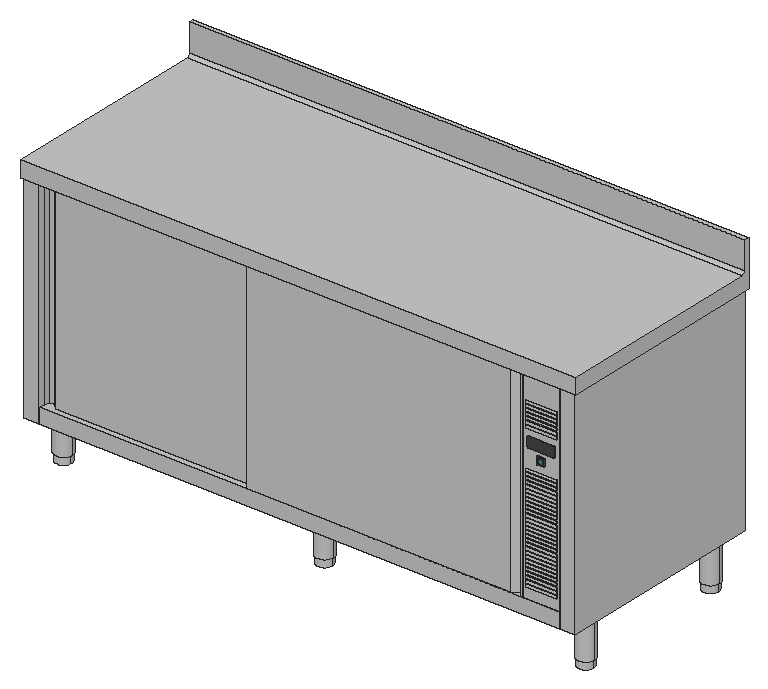
Revit family "QF_ELECTROLUXPROFESSIONAL_133096_TC1810EN", category Attrezzature speciali, Revit 2020
Family settings
  Quota connettore circolare = Usa diametro
  Tipo di parte = Normale
  Basato su piano di lavoro = No
  Sempre verticale = Sì
  Taglio con vuoti quando caricato = No
  Condiviso = No
  Punto di calcolo locali = No
Parameters (values of type "Standard")
  Weight = 70.00 kg
  Watts = 2400 W
  Volts = 220 V
  URL Manufacturer = "https://www.electroluxprofessional.com/"
  URL = "https://www.electroluxprofessional.com/"
  Steam Supply Size = 0 mm
  Steam Supply Minimum Pressure = 0.0 Pa
  Steam Supply Maximum Pressure = 0.0 Pa
  Steam Consumption per Hour = 0
  Refrigeration Suction Line Size = 0.0 mm
  Refrigeration Liquid Line Size = 0.0 mm
  Refrigerant Compressor Remote = yes
  Prospetto di default = 0.0 mm
  Produttore = "Electrolux Professional"
  Phase = 1
  Modello = "TC1810EN"
  Length Actual = 1800.0 mm  # constant formula
  Item Number = "133096"
  Hot Water Size = 0 mm
  Height Actual = 1000.0 mm  # constant formula
  HP = "3.2 HP"
  Gas Size = 0 mm
  Gas KW = 0
  Gas Input Pressure = 0 W
  Direct Waste Size = 0 mm
  Descrizione = "HOT CUPBOARD WITH UPSTAND 1800 MM"
  Depth Actual = 700.0 mm  # constant formula
  Cycle = 50 Hz
  Condensate Return Size = 0 mm
  Compressed Air Volume = 0.0 L/s
  Compressed Air Size = 0 mm
  Compressed Air Pressure = 0.0 Pa
  Cold Water Size = 0 mm
  Accessory = yes
Reference planes
  plane 1 "Center (Front/Back)": y = 0
  plane 2: z = 0
  plane 3 "Center (Left/Right)": x = -400
  plane 4 "LEFT": x = -1300
  plane 5 "RIGHT": x = 500
  plane 6 "BACK": y = 350
  plane 7 "FRONT": y = -350
  plane 8 "Base": z = 850
  plane 9 "TOP": z = 900
  plane 10: x = -1246.5
  plane 11: x = 446.5
  plane 12: y = 264.5
  plane 13: y = -241.5
  plane 14 "BodyLeft": x = -1294.5
  plane 15 "BodyFront": y = -344.5
  plane 16 "BodyRight": x = 494.5
  plane 17 "BodyBack": y = 344.5
  plane 18 "FEET": z = 150
  plane 19: x = 324.5
  plane 20: x = -461
  plane 21: x = 444.5
  plane 22 "EIx": x = 400
  plane 23 "EIy": y = -170
Forms (mm)
  Extrusion 1, solid, material "QF_Finishes_Stainless Steel"
    sketch origin (-400, 0, 0) x (0, 1, 0) y (0, 0, 1)
      loop
        line (-350, 850) -> (350, 850) -> (350, 1000) -> (337, 1000) -> (337, 910)
        arc (337, 910) -> (334.071, 902.929) -> (327, 900) r 10
        line (327, 900) -> (-350, 900) -> (-350, 850)
    from 900 to -900
  Extrusion 2, solid, material "QF_Finishes_Stainless Steel"
    sketch origin (0, 0, 150) x (-1, 0, 0) y (0, -1, 0)
      loop
        line (1294.5, -344.5) -> (1294.5, 344.5) -> (1244.5, 344.5) -> (1244.5, -344.5) -> (1294.5, -344.5)
      loop
        line (-444.5, -344.5) -> (-444.5, 344.5) -> (-494.5, 344.5) -> (-494.5, -344.5) -> (-444.5, -344.5)
    from 0 to 700
  Extrusion 3, solid, material "QF_Finishes_Stainless Steel"
    sketch origin (0, 0, 150) x (-1, 0, 0) y (0, -1, 0)
      loop
        line (1244.5, -344.5) -> (1244.5, 344.5) -> (-444.5, 344.5) -> (-444.5, -344.5) -> (1244.5, -344.5)
    from 0 to 50
  Extrusion 4, solid, material "QF_Finishes_Stainless Steel"
    sketch origin (-1, 0, 150) x (-1, 0, 0) y (0, -1, 0)
      loop
        line (-325.5, 344.5) -> (-325.5, 324.5) -> (570.5, 324.5) -> (570.5, 344.5) -> (-285.5, 344.5) -> (-305.5, 329.5) -> (-320.5, 329.5) -> (-320.5, 344.5) -> (-325.5, 344.5)
    from 50 to 700
  Extrusion 5, solid, material "QF_Finishes_Stainless Steel"
    sketch origin (1, 20, 150) x (1, 0, 0) y (0, 1, 0)
      loop
        line (-1245.5, -344.5) -> (-1240.5, -344.5) -> (-1240.5, -329.5) -> (-1225.5, -329.5) -> (-1205.5, -344.5) -> (-351.5, -344.5) -> (-351.5, -324.5) -> (-1245.5, -324.5) -> (-1245.5, -344.5)
    from 50 to 700
  Extrusion 6, solid, material "QF_Finishes_Stainless Steel"
    sketch origin (0, 0, 0) x (1, 0, 0) y (0, 1, 0)
      loop
        line (-1244.5, -304.5) -> (324.5, -304.5) -> (324.5, 324.5) -> (-1244.5, 324.5) -> (-1244.5, -304.5)
    from 500 to 540
  Extrusion 7, solid, material "QF_Finishes_Stainless Steel"
    sketch origin (0, 0, 0) x (1, 0, 0) y (0, 1, 0)
      loop
        line (444.5, 344.5) -> (-1244.5, 344.5) -> (-1244.5, 324.5) -> (444.5, 324.5) -> (444.5, 344.5)
    from 200 to 850
  Extrusion 8, solid, material "QF_Finishes_Stainless Steel"
    sketch origin (0, 0, 150) x (-1, 0, 0) y (0, -1, 0)
      loop
        circle (-400, 170) r 10
    from 0 to -5
Cuts and joins
  joined: Extrusion 3, Extrusion 7
Lines and regions (mm)
  symbolic lines
    curve 1: line (500, 350, 900) -> (-1300, 350, 900)
    curve 2: line (-1300, 350, 900) -> (-1300, -350, 900)
    curve 3: line (-1300, -350, 900) -> (500, -350, 900)
    curve 4: line (500, -350, 900) -> (500, 350, 900)
    curve 15: line (500, 337, 900) -> (-1300, 337, 900)
  symbolic lines, style "SpecialityEquipmentHiddenLines"
    curve 5: line (-1294.5, 344.5, 150) -> (494.5, 344.5, 150)
    curve 6: line (-1294.5, -344.5, 150) -> (-1294.5, 344.5, 150)
    curve 7: line (494.5, -344.5, 150) -> (-1294.5, -344.5, 150)
    curve 8: line (494.5, 344.5, 150) -> (494.5, -344.5, 150)
    curve 9: line (-1245.5, -304.5, 150) -> (-349.5, -304.5, 150)
    curve 10: line (-349.5, -304.5, 150) -> (-349.5, -324.5, 150)
    curve 11: line (-1245.5, -324.5, 150) -> (324.5, -324.5, 150)
    curve 12: line (324.5, -324.5, 150) -> (324.5, -344.5, 150)
    curve 13: line (-1245.5, -304.5, 150) -> (-1245.5, -324.5, 150)
    curve 14: line (-571.5, -344.5, 0) -> (-571.5, -324.5, 0)
Dimensions and locks
  plane 4 "LEFT" to plane 5 "RIGHT" = 1800.0 mm
  equal spacing: plane 4 "LEFT", plane 3 "Center (Left/Right)", plane 5 "RIGHT"
  locked: plane 8 "Base" to level at 850
  plane 6 "BACK" to plane 7 "FRONT" = 700.0 mm
  equal spacing: plane 6 "BACK", plane 1 "Center (Front/Back)", plane 7 "FRONT"
  locked: plane 4 "LEFT" to plane 14 "BodyLeft" at 5.5
  locked: plane 16 "BodyRight" to plane 5 "RIGHT" at 5.5
  locked: plane 15 "BodyFront" to plane 7 "FRONT" at 5.5
  locked: plane 6 "BACK" to plane 17 "BodyBack" at 5.5
  locked: plane 14 "BodyLeft" to plane 10 at 48
  locked: plane 11 to plane 16 "BodyRight" at 48
  locked: plane 13 to plane 15 "BodyFront" at 103
  locked: plane 17 "BodyBack" to plane 12 at 80
  plane 10 to plane 11 = 1693.0 mm
  plane 12 to plane 13 = 506.0 mm
  locked: plane 14 "BodyLeft" to Extrusion 2 sketch curve at 50
  locked: Extrusion 2 sketch curve to Extrusion 2 sketch curve at 50
  equal spacing: plane 10, plane 20, plane 19
  locked: plane 21 to plane 16 "BodyRight" at 50
  locked: plane 19 to plane 21 at 120
  locked: Extrusion 4 sketch curve to plane 20 at 110.5
  locked: plane 20 to Extrusion 5 sketch curve at 110.5
  locked: plane 18 "FEET" to level at 150
  locked: plane 22 "EIx" to plane 5 "RIGHT" at 100
  plane 23 "EIy" to plane 7 "FRONT" = 180.0 mm
  locked: Extrusion 1 to level at 1000
  plane 9 "TOP" to level = 900.0 mm
  aligned and locked: level to plane 2
  aligned and locked: plane 10 to nested 1
  aligned and locked: nested 1 to plane 13
  aligned and locked: plane 11 to nested 2
  aligned and locked: nested 2 to plane 13
  aligned and locked: plane 11 to nested 4
  aligned and locked: nested 4 to plane 12
  aligned and locked: plane 10 to nested 3
  aligned and locked: nested 3 to plane 12
  aligned and locked: Extrusion 1 to plane 4 "LEFT"
  aligned and locked: plane 5 "RIGHT" to Extrusion 1
  aligned and locked: curve 2 to plane 4 "LEFT"
  aligned and locked: plane 17 "BodyBack" to Extrusion 2 sketch curve
  aligned and locked: Extrusion 2 sketch curve to plane 15 "BodyFront"
  aligned and locked: Extrusion 2 sketch curve to plane 14 "BodyLeft"
  aligned and locked: plane 16 "BodyRight" to Extrusion 2 sketch curve
  aligned and locked: Extrusion 2 sketch curve to plane 17 "BodyBack"
  aligned and locked: plane 15 "BodyFront" to Extrusion 2 sketch curve
  aligned and locked: Extrusion 3 sketch curve to plane 17 "BodyBack"
  aligned and locked: plane 15 "BodyFront" to Extrusion 3 sketch curve
  aligned and locked: plane 8 "Base" to Extrusion 2
  aligned and locked: plane 8 "Base" to Extrusion 4
  aligned and locked: Extrusion 4 to Extrusion 3
  aligned and locked: Extrusion 1 to plane 8 "Base"
  aligned and locked: plane 9 "TOP" to Extrusion 1
  aligned and locked: curve 5 to plane 17 "BodyBack"
  aligned and locked: plane 14 "BodyLeft" to curve 6
  aligned and locked: plane 15 "BodyFront" to curve 7
  aligned and locked: plane 16 "BodyRight" to curve 8
  aligned and locked: Extrusion 3 to Extrusion 2  (x2)
  aligned and locked: Extrusion 6 sketch curve to Extrusion 2
  aligned and locked: Extrusion 6 sketch curve to Extrusion 5
  aligned and locked: nested 5 to plane 21
  aligned and locked: Extrusion 7 sketch curve to Extrusion 2
  aligned and locked: Extrusion 6 sketch curve to plane 19
  aligned and locked: plane 3 "Center (Left/Right)" to nested 6
  aligned and locked: plane 3 "Center (Left/Right)" to nested 7
Automatic sketch dimensions
  Extrusion 8 sketch curve to plane 22 "EIx" = 0.0 mm
  Extrusion 8 sketch curve to plane 23 "EIy" = 0.0 mm
  curve 14 to plane 15 "BodyFront" = 0.0 mm
  plane 15 "BodyFront" to curve 14 = 20.0 mm
  curve 14 to plane 20 = 110.5 mm
  curve 3 to plane 7 "FRONT" = 0.0 mm
  curve 15 to plane 5 "RIGHT" = 0.0 mm
  curve 4 to plane 6 "BACK" = 0.0 mm
  curve 15 to plane 17 "BodyBack" = 7.5 mm
  Extrusion 1 sketch curve to plane 7 "FRONT" = 0.0 mm
  Extrusion 1 sketch curve to plane 9 "TOP" = 0.0 mm
  Extrusion 1 sketch curve to plane 6 "BACK" = 0.0 mm
  Extrusion 1 sketch curve to plane 8 "Base" = 0.0 mm
  Extrusion 1 sketch curve to plane 17 "BodyBack" = 17.5 mm
  Extrusion 1 sketch curve to plane 17 "BodyBack" = 7.5 mm
  Extrusion 1 sketch curve to Extrusion 1 sketch curve = 90.0 mm
  Extrusion 3 sketch curve to plane 21 = 0.0 mm
  plane 10 to Extrusion 3 sketch curve = 2.0 mm
  Extrusion 4 sketch curve to plane 19 = 0.0 mm
  Extrusion 4 sketch curve to plane 15 "BodyFront" = 0.0 mm  (x2)
  Extrusion 4 sketch curve to Extrusion 4 sketch curve = 5.0 mm
  Extrusion 4 sketch curve to Extrusion 4 sketch curve = 15.0 mm  (x2)
  Extrusion 4 sketch curve to Extrusion 4 sketch curve = 20.0 mm
  plane 15 "BodyFront" to Extrusion 4 sketch curve = 20.0 mm
  Extrusion 5 sketch curve to plane 15 "BodyFront" = 20.0 mm  (x2)
  Extrusion 5 sketch curve to plane 10 = 42.0 mm
  Extrusion 5 sketch curve to plane 10 = 22.0 mm
  Extrusion 5 sketch curve to plane 10 = 7.0 mm
  Extrusion 5 sketch curve to plane 10 = 2.0 mm
  Extrusion 5 sketch curve to Extrusion 5 sketch curve = 15.0 mm
  Extrusion 5 sketch curve to Extrusion 5 sketch curve = 20.0 mm
  Extrusion 6 sketch curve to plane 17 "BodyBack" = 20.0 mm
  Extrusion 7 sketch curve to plane 21 = 0.0 mm
  Extrusion 7 sketch curve to plane 17 "BodyBack" = 0.0 mm
  Extrusion 7 sketch curve to Extrusion 7 sketch curve = 20.0 mm
  curve 11 to plane 19 = 0.0 mm
  curve 7 to plane 15 "BodyFront" = 0.0 mm
  plane 3 "Center (Left/Right)" to curve 10 = 50.5 mm
  plane 10 to curve 13 = 1.0 mm
  plane 15 "BodyFront" to curve 9 = 40.0 mm
  plane 15 "BodyFront" to curve 13 = 20.0 mm
  radius of Extrusion 8 sketch curve = 10.0 mm
Nested families
  nested 1: "FEET_D58-150" at (-1246.5, -241.5, 0), type "FEET_D58-150"
  nested 2: "FEET_D58-150" at (446.5, -241.5, 0), type "FEET_D58-150"
  nested 3: "FEET_D58-150" at (-1246.5, 264.5, 0), type "FEET_D58-150"
  nested 4: "FEET_D58-150" at (446.5, 264.5, 0), type "FEET_D58-150"
  nested 5: "WT_PNL120x650" at (531.42, -304.5, 600) x (1, 0, 0) z (0, -1, 0), type "WT_PNL120x650"
    with Show Logo yes
  nested 6: "FEET_D58-150" at (-400, -241.5, 0), type "FEET_D58-150"
  nested 7: "FEET_D58-150" at (-400, 264.5, 0), type "FEET_D58-150"
Connectors
  electrical at (400, -170, 145)
    settings: on Extrusion 8, index 1, voltage 0 V, apparent load 0 VA, apparent load phase1 0 VA, apparent load phase2 0 VA, apparent load phase3 0 VA, power factor 1, load classification "Other", number of poles 1, system type 30, power factor state 1, is connector primary yes, connector utility no, sub classification motor no, connector description "Electrical connection"
Definition of nested family "FEET_D58-150"
  Parameters
    Default Elevation = 0.0 mm
    FEET = 150.0 mm
  Reference planes
    plane 1 "Center (Front/Back)": y = 0
    plane 2: z = 0
    plane 3 "Center (Left/Right)": x = 0
    plane 4: z = 150
  Forms (mm)
    Extrusion 1, solid
      sketch origin (0, 0, 0) x (1, 0, 0) y (0, 1, 0)
        loop
          circle (0, 0) r 25
      from 0 to 25
    Extrusion 2, solid
      sketch origin (0, 0, 0) x (1, 0, 0) y (0, 1, 0)
        loop
          circle (0.061, 0) r 29
      from 25 to 150 <- "FEET"
  Lines and regions (mm)
    symbolic lines
      curve 1: line (0, -1.503, 0) -> (0, 1.508, 0)
      curve 2: line (1.561, 0, 0) -> (-1.439, 0, 0)
  Dimensions and locks
    "FEET": plane 4 to plane 2
    aligned and locked: level to plane 2
  Automatic sketch dimensions
    plane 1 "Center (Front/Back)" to Extrusion 1 sketch curve = 0.0 mm
    Extrusion 1 sketch curve to plane 3 "Center (Left/Right)" = 0.0 mm
    plane 1 "Center (Front/Back)" to curve 2 = 0.0 mm
    curve 1 to plane 3 "Center (Left/Right)" = 0.0 mm
    curve 2 to plane 3 "Center (Left/Right)" = 1.439 mm
    plane 3 "Center (Left/Right)" to curve 2 = 1.561 mm
    plane 1 "Center (Front/Back)" to curve 1 = 1.503 mm
    curve 1 to plane 1 "Center (Front/Back)" = 1.508 mm
    plane 1 "Center (Front/Back)" to Extrusion 2 sketch curve = 0.0 mm
    plane 3 "Center (Left/Right)" to Extrusion 2 sketch curve = 0.061 mm
    radius of Extrusion 1 sketch curve = 25.0 mm
    radius of Extrusion 2 sketch curve = 29.0 mm
Definition of nested family "WT_PNL120x650"
  Parameters
    Show Logo [instance] = yes
    Default Elevation = 1219.2 mm
  Reference planes
    plane 1 "Center (Front/Back)": y = -75
    plane 2: z = 0
    plane 3 "Center (Left/Right)": x = -146.92
    plane 4: x = -206.92
    plane 5: x = -86.92
    plane 6: y = 250
    plane 7: y = -400
    plane 8 "TOP": z = 40
  Forms (mm)
    Extrusion 1, solid
      sketch origin (0, 0, 0) x (1, 0, 0) y (0, 1, 0)
        loop
          line (-1219.2, 1219.2) -> (-1219.2, -1219.2) -> (1219.2, -1219.2) -> (1219.2, 1219.2) -> (-1219.2, 1219.2)
      from 0 to -304.8
    Extrusion 2, solid
      sketch origin (0, 0, 0) x (1, 0, 0) y (0, 1, 0)
        loop
          line (-206.92, 250) -> (-206.92, -400) -> (-86.92, -400) -> (-86.92, 250) -> (-206.92, 250)
      from 0 to 40
    Extrusion 3, void
      sketch origin (0, 0, 40) x (-1, 0, 0) y (0, -1, 0)
        loop
          arc (101.92, -68.899) -> (103.795, -73.256) -> (108.247, -74.89) r 6
          line (108.247, -74.89) -> (185.92, -74.89)
          arc (185.92, -74.89) -> (190.163, -73.133) -> (191.92, -68.89) r 6
          line (191.92, -68.89) -> (191.92, -45.89)
          arc (191.92, -45.89) -> (190.163, -41.648) -> (185.92, -39.89) r 6
          line (185.92, -39.89) -> (107.92, -39.89)
          arc (107.92, -39.89) -> (103.677, -41.648) -> (101.92, -45.89) r 6
          line (101.92, -45.89) -> (101.92, -68.899)
        loop
          line (158.92, -27.89) -> (158.92, -2.89) -> (134.92, -2.89) -> (134.92, -27.89) -> (158.92, -27.89)
      from -2 to 0
    Extrusion 4, solid
      sketch origin (0, 0, 40) x (-1, 0, 0) y (0, -1, 0)
        loop
          line (185.92, -39.89) -> (107.92, -39.89)
          arc (107.92, -39.89) -> (103.677, -41.648) -> (101.92, -45.89) r 6
          line (101.92, -45.89) -> (101.92, -68.899)
          arc (101.92, -68.899) -> (103.795, -73.256) -> (108.247, -74.89) r 6
          line (108.247, -74.89) -> (185.92, -74.89)
          arc (185.92, -74.89) -> (190.163, -73.133) -> (191.92, -68.89) r 6
          line (191.92, -68.89) -> (191.92, -45.89)
          arc (191.92, -45.89) -> (190.163, -41.648) -> (185.92, -39.89) r 6
      from -2 to 1
    Extrusion 5, solid
      sketch origin (-146.92, 0, 0) x (0, 1, 0) y (0, 0, 1)
        loop
          line (95.896, 40) -> (104.899, 40) -> (95.896, 41.206) -> (95.896, 40)
        loop
          line (107.896, 40) -> (116.899, 40) -> (107.896, 41.206) -> (107.896, 40)
        loop
          line (119.896, 40) -> (128.899, 40) -> (119.896, 41.206) -> (119.896, 40)
        loop
          line (131.896, 40) -> (140.899, 40) -> (131.896, 41.206) -> (131.896, 40)
        loop
          line (143.896, 40) -> (152.899, 40) -> (143.896, 41.206) -> (143.896, 40)
        loop
          line (155.896, 40) -> (164.899, 40) -> (155.896, 41.206) -> (155.896, 40)
        loop
          line (167.896, 40) -> (176.899, 40) -> (167.896, 41.206) -> (167.896, 40)
        loop
          line (-102.104, 40) -> (-93.101, 40) -> (-102.104, 41.206) -> (-102.104, 40)
        loop
          line (-90.104, 40) -> (-81.101, 40) -> (-90.104, 41.206) -> (-90.104, 40)
        loop
          line (-78.104, 40) -> (-69.101, 40) -> (-78.104, 41.206) -> (-78.104, 40)
        loop
          line (-66.104, 40) -> (-57.101, 40) -> (-66.104, 41.206) -> (-66.104, 40)
        loop
          line (-54.104, 40) -> (-45.101, 40) -> (-54.104, 41.206) -> (-54.104, 40)
        loop
          line (-42.104, 40) -> (-33.101, 40) -> (-42.104, 41.206) -> (-42.104, 40)
        loop
          line (-30.104, 40) -> (-21.101, 40) -> (-30.104, 41.206) -> (-30.104, 40)
        loop
          line (-174.104, 40) -> (-165.101, 40) -> (-174.104, 41.206) -> (-174.104, 40)
        loop
          line (-162.104, 40) -> (-153.101, 40) -> (-162.104, 41.206) -> (-162.104, 40)
        loop
          line (-150.104, 40) -> (-141.101, 40) -> (-150.104, 41.206) -> (-150.104, 40)
        loop
          line (-138.104, 40) -> (-129.101, 40) -> (-138.104, 41.206) -> (-138.104, 40)
        loop
          line (-126.104, 40) -> (-117.101, 40) -> (-126.104, 41.206) -> (-126.104, 40)
        loop
          line (-114.104, 40) -> (-105.101, 40) -> (-114.104, 41.206) -> (-114.104, 40)
        loop
          line (-246.104, 40) -> (-237.101, 40) -> (-246.104, 41.206) -> (-246.104, 40)
        loop
          line (-234.104, 40) -> (-225.101, 40) -> (-234.104, 41.206) -> (-234.104, 40)
        loop
          line (-222.104, 40) -> (-213.101, 40) -> (-222.104, 41.206) -> (-222.104, 40)
        loop
          line (-210.104, 40) -> (-201.101, 40) -> (-210.104, 41.206) -> (-210.104, 40)
        loop
          line (-198.104, 40) -> (-189.101, 40) -> (-198.104, 41.206) -> (-198.104, 40)
        loop
          line (-186.104, 40) -> (-177.101, 40) -> (-186.104, 41.206) -> (-186.104, 40)
        loop
          line (-318.104, 40) -> (-309.101, 40) -> (-318.104, 41.206) -> (-318.104, 40)
        loop
          line (-306.104, 40) -> (-297.101, 40) -> (-306.104, 41.206) -> (-306.104, 40)
        loop
          line (-294.104, 40) -> (-285.101, 40) -> (-294.104, 41.206) -> (-294.104, 40)
        loop
          line (-282.104, 40) -> (-273.101, 40) -> (-282.104, 41.206) -> (-282.104, 40)
        loop
          line (-270.104, 40) -> (-261.101, 40) -> (-270.104, 41.206) -> (-270.104, 40)
        loop
          line (-258.104, 40) -> (-249.101, 40) -> (-258.104, 41.206) -> (-258.104, 40)
        loop
          line (-366.104, 40) -> (-357.101, 40) -> (-366.104, 41.206) -> (-366.104, 40)
        loop
          line (-354.104, 40) -> (-345.101, 40) -> (-354.104, 41.206) -> (-354.104, 40)
        loop
          line (-342.104, 40) -> (-333.101, 40) -> (-342.104, 41.206) -> (-342.104, 40)
        loop
          line (-330.104, 40) -> (-321.101, 40) -> (-330.104, 41.206) -> (-330.104, 40)
      from -50 to 50
    Extrusion 6, solid
      sketch origin (0, 0, 40) x (-1, 0, 0) y (0, -1, 0)
        loop
          line (134.92, -27.89) -> (158.92, -27.89) -> (158.92, -2.89) -> (134.92, -2.89) -> (134.92, -27.89)
        loop
          circle (146.92, -15.39) r 9
      from -2 to 3
    Extrusion 7, solid
      sketch origin (0, 0, 40) x (-1, 0, 0) y (0, -1, 0)
        loop
          circle (146.92, -15.39) r 9
      from 0 to 3
  Cuts and joins
    Extrusion 3 cuts Extrusion 2
  Dimensions and locks
    equal spacing: plane 6, plane 1 "Center (Front/Back)", plane 7
    equal spacing: plane 4, plane 3 "Center (Left/Right)", plane 5
    plane 8 "TOP" to level = 40.0 mm
    aligned and locked: plane 2 to Extrusion 1
    aligned and locked: level to Extrusion 1
  Automatic sketch dimensions
    Extrusion 1 sketch curve to Extrusion 1 sketch curve = 2438.4 mm  (x2)
    Extrusion 2 sketch curve to plane 4 = 0.0 mm
    Extrusion 2 sketch curve to plane 5 = 0.0 mm
    Extrusion 2 sketch curve to plane 7 = 0.0 mm
    Extrusion 2 sketch curve to plane 6 = 0.0 mm
    Extrusion 5 sketch curve to plane 8 "TOP" = 0.0 mm  (x36)
    Extrusion 5 sketch curve to Extrusion 5 sketch curve = 9.003 mm  (x35)
    plane 8 "TOP" to Extrusion 5 sketch curve = 1.206 mm  (x22)
    Extrusion 5 sketch curve to Extrusion 5 sketch curve = 2.997 mm  (x33)
    plane 1 "Center (Front/Back)" to Extrusion 5 sketch curve = 6.101 mm
    plane 1 "Center (Front/Back)" to Extrusion 5 sketch curve = 3.104 mm
    Extrusion 5 sketch curve to plane 1 "Center (Front/Back)" = 5.899 mm
    Extrusion 5 sketch curve to Extrusion 5 sketch curve = 116.997 mm
    Extrusion 5 sketch curve to Extrusion 5 sketch curve = 1.206 mm  (x14)
    Extrusion 4 sketch curve to plane 5 = 15.0 mm
    Extrusion 4 sketch curve to Extrusion 4 sketch curve = 6.0 mm  (x3)
    Extrusion 4 sketch curve to Extrusion 4 sketch curve = 0.327 mm
    plane 4 to Extrusion 4 sketch curve = 21.0 mm  (x2)
    Extrusion 4 sketch curve to plane 1 "Center (Front/Back)" = 149.89 mm
    Extrusion 4 sketch curve to Extrusion 4 sketch curve = 23.009 mm
    Extrusion 3 sketch curve to plane 5 = 15.0 mm
    Extrusion 3 sketch curve to Extrusion 3 sketch curve = 6.0 mm  (x3)
    Extrusion 3 sketch curve to Extrusion 3 sketch curve = 0.327 mm
    plane 3 "Center (Left/Right)" to Extrusion 3 sketch curve = 12.0 mm
    Extrusion 3 sketch curve to plane 3 "Center (Left/Right)" = 12.0 mm
    plane 4 to Extrusion 3 sketch curve = 21.0 mm  (x2)
    Extrusion 3 sketch curve to plane 1 "Center (Front/Back)" = 149.89 mm
    Extrusion 3 sketch curve to Extrusion 3 sketch curve = 23.0 mm
    Extrusion 3 sketch curve to Extrusion 3 sketch curve = 12.0 mm
    Extrusion 3 sketch curve to Extrusion 3 sketch curve = 25.0 mm
    Extrusion 6 sketch curve to plane 3 "Center (Left/Right)" = 0.0 mm
    plane 3 "Center (Left/Right)" to Extrusion 6 sketch curve = 12.0 mm
    Extrusion 6 sketch curve to plane 3 "Center (Left/Right)" = 12.0 mm
    Extrusion 6 sketch curve to plane 1 "Center (Front/Back)" = 102.89 mm
    Extrusion 6 sketch curve to Extrusion 6 sketch curve = 12.5 mm  (x2)
    Extrusion 7 sketch curve to plane 3 "Center (Left/Right)" = 0.0 mm
    Extrusion 7 sketch curve to plane 1 "Center (Front/Back)" = 90.39 mm
    radius of Extrusion 6 sketch curve = 9.0 mm
    radius of Extrusion 7 sketch curve = 9.0 mm
